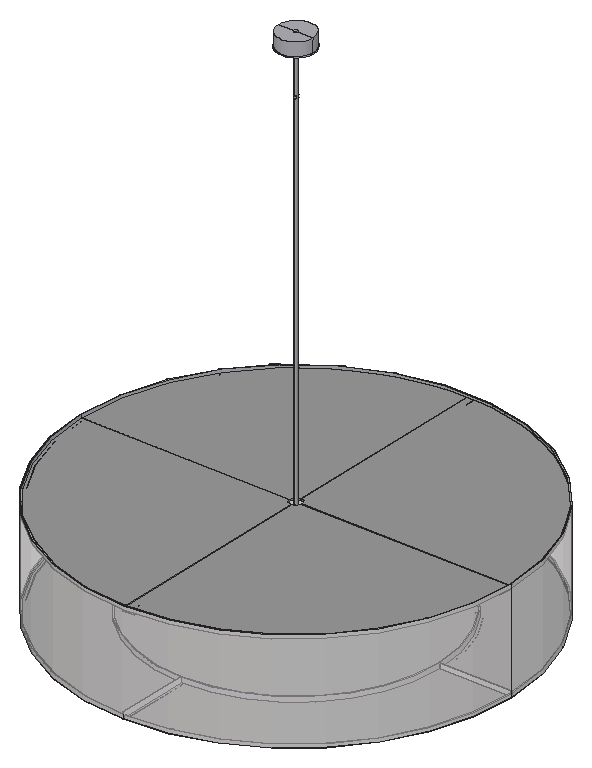
Revit family "Lighting - Lumetta - Pendant - P57217", category Lighting Fixtures, host Ceiling, Revit 2015
Parameters
  Wattage = 11.7117 W
  built-in parameter 1150110 = 1 (stored number, unit not read)
  URL = "https://lumetta.com/luminaires/drum-72-pendant/"
  Type Comments = "Drum 72'' Pendant"  # constant formula
  built-in parameter 1114217 = 1 (stored number, unit not read)
  Top Lens-Material [instance] = Acrylic - 2447 - White
  Top Lens [instance] = yes
  built-in parameter 1150109 = 1 (stored number, unit not read)
  built-in parameter 1150134 = (empty or 0)
  Suspension [instance] = 2
  built-in parameter 1150113 = 1 (stored number, unit not read)
  Stem Hung-ALL Lamping [instance] = Suspension = 2  # yes
  STD-NON_DIM [instance] = not([3-4-LED])  # yes
  Light Source Symbol Size = 0' - 1"
  Coupling-Stems Over 60 inches [instance] = and([Stem Hung-ALL Lamping], Fixture Drop > 5' 0")  # yes
  Model = "P57217"  # constant formula
  Manufacturer = "Lumetta, Inc."  # constant formula
  Lumens = 1300 lm
  built-in parameter 1150115 = 1 (stored number, unit not read)
  built-in parameter 1150105 = 103.45 (stored number, unit not read)
  built-in parameter 1150137 = (empty or 0)
  built-in parameter 1150139 = (empty or 0)
  built-in parameter 1150112 = 1 (stored number, unit not read)
  built-in parameter 1150114 = 1 (stored number, unit not read)
  built-in parameter 1150132 = 1
  built-in parameter 1150102 = (empty or 0)
  built-in parameter 1150138 = (empty or 0)
  built-in parameter 1150107 = 3000 (stored number, unit not read)
  built-in parameter 1150106 = 1.0345 (stored number, unit not read)
  Frame Finish [instance] = Paint - Lumetta - F02 - PC_Chrome
  Fixture Height [instance] = 1' - 5"
  Fixture Drop [instance] = 5' - 10"
  built-in parameter 1150104 = 10.312 (stored number, unit not read)
  Dimming Lamp Color Temperature Shift = (empty or 0)
  Diffuser Material [instance] = Shade - Lumetta - D61 - MT_White
  Description = ""
  Cord [instance] = Suspension = 1  # no
  Bottom Lens-Material [instance] = Acrylic - P95 - Etched White
  Bottom Lens [instance] = yes
  3-4-LED [instance] = and([3 or 4 Wire Dimming OR LED], Suspension = 1)  # no
  3 or 4 Wire Dimming OR LED [instance] = yes
  4 Cables [instance] = Suspension = 1  # no
  1CRD-4CBL-ALL Lamping [instance] = Suspension = 1  # no
  Cord Color [instance] = Cord, Black
  Color Filter = 16777215
  built-in parameter 1114218 = 1 (stored number, unit not read)
  built-in parameter 1150133 = 10 (stored number, unit not read)
Reference planes (in)
  plane 1 "Light Source Axis (F/B)": y = 0
  plane 2 "Ceiling": z = 96
  plane 3 "Light Source Axis (L/R)": x = 0
  plane 4 "Light Source Elevation": z = 23.5
  plane 5 "Fixture-Top": z = 26
  plane 6 "Fixture-OD": x = 36
  plane 7 "Fixture-Height": z = 9
  plane 8: y = 0
  plane 9 "Fix-OD2": y = 36
  plane 10: x = -36
  plane 11: y = -36
Forms (in)
  Revolve 1, solid, material "Paint - Lumetta - F02 - PC_Chrome" <- "Frame Finish", visible <- "1CRD-4CBL-ALL Lamping"
    sketch origin (0, 0, 0) x (1, 0, 0) y (0, 0, 1)
      loop
        line (0, 96) -> (0, 95.4375) -> (3, 95.4375) -> (3, 95.5) -> (2.87509, 95.5) -> (2.87509, 96) -> (0, 96)
      axis (0, 96) -> (0, 95.4375)
    angle from 0 to 360
  Extrusion 2, void
    sketch origin (0, 0, 95.4375) x (0, -1, 0) y (1, 0, 0)
      loop
        circle (0, 0) r 0.25
      loop
        circle (0, 2.5) r 0.06274
      loop
        circle (-2.16506, -1.25) r 0.06274
      loop
        circle (2.16506, -1.25) r 0.06274
    from 0 to 0.06358
  Revolve 3, solid, material "Paint - Lumetta - F02 - PC_Chrome" <- "Frame Finish"
    sketch origin (0, 0, 0) x (1, 0, 0) y (0, 0, 1)
      loop
        line (36, 26) -> (35.875, 26) -> (35.875, 25.5) -> (35.375, 25.5) -> (35.375, 25.375) -> (36, 25.375) -> (36, 26)
      loop
        line (35.375, 9.125) -> (35.375, 9) -> (36, 9) -> (36, 9.625) -> (35.875, 9.625) -> (35.875, 9.125) -> (35.375, 9.125)
      loop
        line (23.44124, 8.99418) -> (24.4375, 8.99418) -> (24.4375, 9.11828) -> (24.00157, 9.11828) -> (24.00157, 9.99258) -> (23.87763, 9.99258) -> (23.87763, 9.11828) -> (23.44124, 9.11828) -> (23.44124, 8.99418)
      axis (0, 26) -> (0, 8.99418)
    angle from 0 to 360
  Revolve 4, solid, material "Shade - Lumetta - D61 - MT_White" <- "Diffuser Material"
    sketch origin (0, 0, 0) x (1, 0, 0) y (0, 0, 1)
      loop
        line (36, 26) -> (36, 9) -> (36.06242, 9) -> (36.06242, 26) -> (36, 26)
      axis (0, 26) -> (0, 9)
    angle from 0 to 360
  Extrusion 5, solid, material "Paint - Lumetta - F02 - PC_Chrome" <- "Frame Finish", visible <- "Stem Hung-ALL Lamping"
    sketch origin (0, 0, 26) x (0, -1, 0) y (-1, 0, 0)
      loop
        circle (0, 0) r 0.25
    from 1.63906 to -70
  Revolve 6, solid, material "Paint - Lumetta - F02 - PC_Chrome" <- "Frame Finish", visible <- "Coupling-Stems Over 60 inches"
    sketch origin (0, 0, 0) x (1, 0, 0) y (0, 0, 1)
      loop
        line (0, 86.53023) -> (0, 86) -> (0.26233, 86)
        arc (0.26233, 86) -> (0.31307, 86.05074) -> (0.26233, 86.10149) r 0.05074
        arc (0.26233, 86.10149) -> (0.29304, 86.26499) -> (0.26243, 86.42851) r 0.45126
        arc (0.26243, 86.42851) -> (0.31329, 86.47937) -> (0.26243, 86.53023) r 0.05086
        line (0.26243, 86.53023) -> (0, 86.53023)
      axis (0, 86.53023) -> (0, 86)
    angle from 0 to 360
  Revolve 7, solid, material "Paint - Lumetta - F02 - PC_Chrome" <- "Frame Finish", visible <- "Stem Hung-ALL Lamping"
    sketch origin (0, 0, 0) x (1, 0, 0) y (0, 0, 1)
      loop
        line (0, 96) -> (0, 93.40625) -> (0.34988, 93.40625)
        arc (0.34988, 93.40625) -> (0.49124, 93.54417) -> (0.58115, 93.72) r 0.61026
        line (0.58115, 93.72) -> (3, 93.72) -> (3, 93.78) -> (2.875, 93.78) -> (2.875, 96) -> (0, 96)
      axis (0, 96) -> (0, 93.40625)
    angle from 0 to 360
  Extrusion 8, solid, material "Cord, Black" <- "Cord Color", visible <- "1CRD-4CBL-ALL Lamping"
    sketch origin (0, 0, 26) x (0, -1, 0) y (1, 0, 0)
      loop
        circle (0, 0) r 0.15674
    from -0.56254 to 70
  Extrusion 9, solid
    sketch origin (0, 0, 26) x (0, -1, 0) y (1, 0, 0)
      loop
        line (-1.15625, 35.46715) -> (-1.15625, 33.875) -> (1.15625, 33.875) -> (1.15625, 35.48142)
        arc (1.15625, 35.48142) -> (-0.00012, 35.49312) -> (-1.15625, 35.46715) r 35.49709
      loop
        circle (0, 34.375) r 0.11051
      loop
        line (-35.46715, -1.15625) -> (-33.875, -1.15625) -> (-33.875, 1.15625) -> (-35.48432, 1.15625)
        arc (-35.48432, 1.15625) -> (-35.49457, -0.00014) -> (-35.46715, -1.15625) r 35.49884
      loop
        circle (-34.375, 0) r 0.11051
      loop
        line (1.15625, -35.47005) -> (1.15625, -33.8779) -> (-1.15625, -33.8779) -> (-1.15625, -35.48432)
        arc (-1.15625, -35.48432) -> (0.00012, -35.49602) -> (1.15625, -35.47005) r 35.49999
      loop
        circle (0, -34.3779) r 0.11051
      loop
        line (35.46715, 1.15625) -> (33.875, 1.15625) -> (33.875, -1.15625) -> (35.48432, -1.15625)
        arc (35.48432, -1.15625) -> (35.49457, 0.00014) -> (35.46715, 1.15625) r 35.49884
      loop
        circle (34.375, 0) r 0.11051
    from -0.5 to -0.625
  Sweep 10, solid, visible <- "1CRD-4CBL-ALL Lamping"
    path origin (0, 0, 0) x (1, 0, 0) y (0, 0, 1)
      loop
        line (2.5, 95.50108) -> (33.375, 25.375)
    profile origin (17.9375, 0, 60.43804) x (0.915221, 0, 0.402952) y (0, -1, 0)
      loop
        circle (0, 0) r 0.03083
  Extrusion 11, solid, material "Acrylic - P95 - Etched White" <- "Bottom Lens-Material", visible <- "Bottom Lens"
    sketch origin (0, 0, 9) x (0, -1, 0) y (1, 0, 0)
      loop
        circle (0, 0) r 35.8125
    from 0.125 to 0.24324
  Extrusion 12, solid
    sketch origin (0, 0, 26) x (0, -1, 0) y (1, 0, 0)
      loop
        circle (0, 0) r 0.28281
      loop
        line (-34.875, -1) -> (-1, -1) -> (-1, -34.875) -> (1, -34.875) -> (1, -1) -> (34.875, -1) -> (34.875, 1) -> (1, 1) -> (1, 34.875) -> (-1, 34.875) -> (-1, 1) -> (-34.875, 1) -> (-34.875, -1)
      loop
        circle (0, 33.375) r 0.12316
      loop
        circle (33.375, 0.18243) r 0.12448
      loop
        circle (0, -33.375) r 0.12636
      loop
        circle (-33.375, 0) r 0.12313
    from -1.63906 to -0.625
  Revolve 13, solid, material "Paint - Lumetta - F02 - PC_Chrome" <- "Frame Finish", visible <- "STD-NON_DIM"
    sketch origin (0, 0, 0) x (1, 0, 0) y (0, 0, 1)
      loop
        line (0, 95.4375) -> (0, 94.87435) -> (0.28215, 94.87435) -> (0.37481, 95.4375) -> (0, 95.4375)
      axis (0, 95.4375) -> (0, 94.87435)
    angle from 0 to 360
  Revolve 14, solid, material "Paint - Lumetta - F02 - PC_Chrome" <- "Frame Finish", visible <- "3-4-LED"
    sketch origin (0, 0, 0) x (1, 0, 0) y (0, 0, 1)
      loop
        line (0, 95.4375) -> (0, 95.3765) -> (0.37481, 95.3765) -> (0.37481, 95.4375) -> (0, 95.4375)
      axis (0, 95.4375) -> (0, 95.3765)
    angle from 0 to 360
  Sweep 15, solid, visible <- "1CRD-4CBL-ALL Lamping"
    path origin (0, 0, 0) x (1, 0, 0) y (0, 0, 1)
      loop
        line (2.5, 95.50108) -> (33.375, 25.375)
    profile origin (17.9375, 0, 60.43804) x (0.915221, 0, 0.402952) y (0, -1, 0)
      loop
        circle (0, 0) r 0.03083
  Sweep 16, solid, visible <- "1CRD-4CBL-ALL Lamping"
    path origin (0, 0, 0) x (1, 0, 0) y (0, 0, 1)
      loop
        line (2.5, 95.50108) -> (33.375, 25.375)
    profile origin (17.9375, 0, 60.43804) x (0.915221, 0, 0.402952) y (0, -1, 0)
      loop
        circle (0, 0) r 0.03083
  Sweep 17, solid, visible <- "1CRD-4CBL-ALL Lamping"
    path origin (0, 0, 0) x (0, 1, 0) y (0, 0, 1)
      loop
        line (2.5, 95.50108) -> (33.375, 25.375)
    profile origin (0, 17.9375, 60.43804) x (0, 0.915221, 0.402952) y (1, 0, 0)
      loop
        circle (0, 0) r 0.03083
  Sweep 18, solid, visible <- "1CRD-4CBL-ALL Lamping"
    path origin (0, 0, 0) x (-1, 0, 0) y (0, 0, 1)
      loop
        line (2.5, 95.50108) -> (33.375, 25.375)
    profile origin (-17.9375, 0, 60.43804) x (-0.915221, 0, 0.402952) y (0, 1, 0)
      loop
        circle (0, 0) r 0.03083
  Sweep 19, solid, visible <- "1CRD-4CBL-ALL Lamping"
    path origin (0, 0, 0) x (0, -1, 0) y (0, 0, 1)
      loop
        line (2.5, 95.50108) -> (33.375, 25.375)
    profile origin (0, -17.9375, 60.43804) x (0, -0.915221, 0.402952) y (-1, 0, 0)
      loop
        circle (0, 0) r 0.03083
  Extrusion 20, solid, material "Acrylic - 2447 - White" <- "Top Lens-Material", visible <- "Top Lens"
    sketch origin (0, 0, 26) x (0, -1, 0) y (1, 0, 0)
      loop
        line (-0.0625, -35.80959) -> (-0.0625, -0.99417)
        arc (-0.0625, -0.99417) -> (-0.71114, -0.69923) -> (-0.99962, -0.04769) r 1.00175
        line (-0.99962, -0.04769) -> (-35.81511, -0.04769)
        arc (-35.81511, -0.04769) -> (-25.3292, -25.31711) -> (-0.0625, -35.80959) r 35.8125
      loop
        line (0.0625, -0.99804) -> (0.0625, -35.80959)
        arc (0.0625, -35.80959) -> (25.32189, -25.32143) -> (35.81117, -0.0625) r 35.81091
        line (35.81117, -0.0625) -> (0.99804, -0.0625)
        arc (0.99804, -0.0625) -> (0.70711, -0.70711) -> (0.0625, -0.99804) r 1
      loop
        arc (-0.99804, 0.0625) -> (-0.7071, 0.70711) -> (-0.06249, 0.99805) r 1
        line (-0.06249, 0.99805) -> (-0.06249, 35.80531)
        arc (-0.06249, 35.80531) -> (-25.31955, 25.31671) -> (-35.81504, 0.0625) r 35.82235
        line (-35.81504, 0.0625) -> (-0.99804, 0.0625)
      loop
        line (0.06249, 35.80533) -> (0.06249, 0.99805)
        arc (0.06249, 0.99805) -> (0.7071, 0.70711) -> (0.99804, 0.0625) r 1
        line (0.99804, 0.0625) -> (35.81116, 0.0625)
        arc (35.81116, 0.0625) -> (25.32115, 25.31945) -> (0.06249, 35.80533) r 35.80829
    from -0.5 to -0.35958
  Extrusion 21, solid, material "Paint - Lumetta - F02 - PC_Chrome" <- "Frame Finish"
    sketch origin (0, 0, 9) x (0, -1, 0) y (1, 0, 0)
      loop
        line (-35.62536, -0.5) -> (-24.12536, -0.5) -> (-24.12536, 0.5) -> (-35.62536, 0.5) -> (-35.62536, -0.5)
      loop
        line (0.5, -35.62536) -> (0.5, -24.12536) -> (-0.5, -24.12536) -> (-0.5, -35.62536) -> (0.5, -35.62536)
      loop
        line (35.62536, 0.5) -> (24.12536, 0.5) -> (24.12536, -0.5) -> (35.62536, -0.5) -> (35.62536, 0.5)
      loop
        line (-0.5, 35.62536) -> (-0.5, 24.12536) -> (0.5, 24.12536) -> (0.5, 35.62536) -> (-0.5, 35.62536)
    from 0 to 0.125
  Extrusion 22, solid
    sketch origin (0, 0, 9) x (0, -1, 0) y (1, 0, 0)
      loop
        line (-0.06251, 23.94118) -> (0.0666, 23.94118) -> (0.0666, 35.94118) -> (-0.06251, 35.94118) -> (-0.06251, 23.94118)
      loop
        line (0.06251, -23.94118) -> (-0.0666, -23.94118) -> (-0.0666, -35.94118) -> (0.06251, -35.94118) -> (0.06251, -23.94118)
      loop
        line (-23.94118, -0.06251) -> (-23.94118, 0.0666) -> (-35.94118, 0.0666) -> (-35.94118, -0.06251) -> (-23.94118, -0.06251)
      loop
        line (23.94118, 0.06251) -> (23.94118, -0.0666) -> (35.94118, -0.0666) -> (35.94118, 0.06251) -> (23.94118, 0.06251)
    from 0 to 0.99258
Dimensions and locks (in)
  equal spacing: host sketch curve, plane 3 "Light Source Axis (L/R)", host sketch curve
  equal spacing: host sketch curve, plane 1 "Light Source Axis (F/B)", host sketch curve
  host sketch curve to host sketch curve = 10' - 0"  (x2)
  "Fixture Drop": plane 2 "Ceiling" to plane 5 "Fixture-Top"
  locked: plane 5 "Fixture-Top" to plane 4 "Light Source Elevation" at 2.5
  locked: plane 6 "Fixture-OD" to plane 3 "Light Source Axis (L/R)" at 36
  "Fixture Height": plane 5 "Fixture-Top" to plane 7 "Fixture-Height"
  locked: Extrusion 2 sketch curve to Extrusion 2 sketch curve at 2.5
  locked: plane 6 "Fixture-OD" to Revolve 3 sketch curve at 0.125  (x2)
  locked: Revolve 4 sketch curve to plane 6 "Fixture-OD" at 0.06242
  Revolve 3 to Revolve 4 = 0' - 0 1/8"
  locked: Extrusion 5 sketch curve to imposter light
  locked: Extrusion 5 sketch curve to imposter light at 0
  Revolve 6 sketch curve to Revolve 6 sketch curve = 0' - 0.15822"
  locked: Revolve 6 sketch curve to Revolve 4 at 60
  locked: Revolve 6 sketch curve to Revolve 6 sketch curve at 0.53023
  locked: Revolve 6 sketch curve to Revolve 6 sketch curve at 0.26243
  locked: Revolve 6 sketch curve to Revolve 6 sketch curve at 0.26233
  locked: Revolve 6 sketch curve to Revolve 6 sketch curve at 0.05074
  locked: Revolve 6 sketch curve to Revolve 6 sketch curve at 0.47937
  locked: Revolve 6 sketch curve to Revolve 6 sketch curve at 0.26512
  locked: Revolve 7 sketch curve to Revolve 7 sketch curve at 2.875
  locked: Revolve 7 sketch curve to Revolve 7 sketch curve at 0.31375
  locked: plane 5 "Fixture-Top" to Revolve 3 sketch curve at 0.625
  locked: Revolve 3 sketch curve to Revolve 3 sketch curve at 0.125
  locked: Revolve 3 sketch curve to plane 7 "Fixture-Height" at 0.625
  locked: plane 6 "Fixture-OD" to Revolve 3 sketch curve at 0.625
  locked: Revolve 1 sketch curve to Revolve 1 sketch curve at 0.0625
  locked: host ceiling to Revolve 1 sketch curve at 0.5625
  locked: Revolve 1 sketch curve to Revolve 1 sketch curve at 0.5625
  Revolve 1 sketch curve to Revolve 1 sketch curve = 0' - 2.87509"
  equal spacing: Extrusion 9 sketch curve, plane 1 "Light Source Axis (F/B)", Extrusion 9 sketch curve, locked at 1.15625 each
  locked: Extrusion 9 sketch curve to plane 1 "Light Source Axis (F/B)" at 1.15625
  locked: Extrusion 9 sketch curve to plane 6 "Fixture-OD" at 1.625
  locked: Extrusion 9 sketch curve to plane 6 "Fixture-OD" at 2.125
  locked: Revolve 3 to plane 7 "Fixture-Height" at 0.625
  locked: Revolve 1 sketch curve to Revolve 1 sketch curve at 3
  locked: Revolve 1 sketch curve to Revolve 1 sketch curve at 2.87509
  locked: Revolve 13 sketch curve to Revolve 13 sketch curve at 0.37481
  locked: Revolve 13 sketch curve to Revolve 13 sketch curve at 0.28215
  locked: Revolve 1 to Revolve 13 sketch curve at 0.56315
  locked: Revolve 1 to Revolve 14 sketch curve at 0.061
  locked: plane 3 "Light Source Axis (L/R)" to Revolve 14 sketch curve at 0.37481
  locked: Extrusion 12 sketch curve to plane 3 "Light Source Axis (L/R)" at 1
  locked: plane 3 "Light Source Axis (L/R)" to Extrusion 12 sketch curve at 1
  locked: plane 9 "Fix-OD2" to plane 8 at 36
  locked: plane 10 to plane 3 "Light Source Axis (L/R)" at 36
  locked: plane 8 to plane 11 at 36
  locked: Extrusion 12 sketch curve to plane 9 "Fix-OD2" at 1.125
  Extrusion 12 sketch curve to plane 11 = 0' - 1 1/8"
  locked: Extrusion 12 sketch curve to Extrusion 12 sketch curve at 1.5  (x4)
  Revolve 3 to Extrusion 12 = 0' - 1.01406"
  Extrusion 9 sketch curve to Extrusion 9 sketch curve = 0' - 2 5/16"
  locked: Extrusion 9 sketch curve to plane 9 "Fix-OD2" at 2.125
  locked: Extrusion 9 sketch curve to plane 3 "Light Source Axis (L/R)" at 1.15625  (x2)
  locked: Extrusion 9 sketch curve to Extrusion 9 sketch curve at 2.3125
  locked: plane 10 to Extrusion 9 sketch curve at 2.1221
  locked: Extrusion 9 sketch curve to plane 8 at 1.15625  (x2)
  locked: plane 10 to Extrusion 9 sketch curve at 1.6221
  locked: plane 9 "Fix-OD2" to Extrusion 9 sketch curve at 1.625
  locked: Extrusion 9 sketch curve to plane 11 at 1.625
  locked: Extrusion 9 sketch curve to plane 11 at 2.125
  locked: plane 3 "Light Source Axis (L/R)" to Extrusion 9 sketch curve at 1.15625
  locked: Extrusion 20 to Revolve 3 at 0.14042
  locked: plane 8 to Extrusion 20 sketch curve at 0.0625
  plane 8 to Extrusion 20 sketch curve = 0' - 0 1/16"
  locked: Revolve 3 sketch curve to plane 7 "Fixture-Height" at 0.99258
  locked: Revolve 3 sketch curve to Revolve 3 sketch curve at 0.99626
  locked: Revolve 3 sketch curve to Revolve 3 sketch curve at 0.43593
  locked: Revolve 3 sketch curve to Revolve 3 sketch curve at 0.43639
  plane 3 "Light Source Axis (L/R)" to Revolve 3 sketch curve = 2' - 0 7/16"
  locked: Extrusion 21 sketch curve to plane 9 "Fix-OD2" at 0.37464
  locked: plane 3 "Light Source Axis (L/R)" to Extrusion 21 sketch curve at 0.5  (x2)
  locked: Extrusion 21 sketch curve to Extrusion 21 sketch curve at 1  (x4)
  locked: Extrusion 21 sketch curve to plane 8 at 24.12536  (x2)
  locked: Extrusion 21 sketch curve to plane 3 "Light Source Axis (L/R)" at 24.12536
  locked: plane 3 "Light Source Axis (L/R)" to Extrusion 21 sketch curve at 24.12536
  locked: Extrusion 21 sketch curve to plane 6 "Fixture-OD" at 0.37464
  locked: plane 8 to Extrusion 21 sketch curve at 0.5  (x2)
  locked: plane 10 to Extrusion 21 sketch curve at 0.37464
  locked: Extrusion 21 sketch curve to plane 11 at 0.37464
  locked: Extrusion 22 sketch curve to plane 6 "Fixture-OD" at 0.05882
  locked: plane 3 "Light Source Axis (L/R)" to Extrusion 22 sketch curve at 23.94118
  locked: plane 8 to Extrusion 22 sketch curve at 0.06251
  locked: Extrusion 22 sketch curve to Extrusion 22 sketch curve at 0.12911  (x4)
  locked: Extrusion 22 sketch curve to plane 9 "Fix-OD2" at 0.05882
  locked: Extrusion 22 sketch curve to plane 8 at 23.94118  (x2)
  locked: plane 3 "Light Source Axis (L/R)" to Extrusion 22 sketch curve at 0.0666
  locked: Extrusion 22 sketch curve to plane 3 "Light Source Axis (L/R)" at 23.94118
  locked: plane 10 to Extrusion 22 sketch curve at 0.05882
  locked: Extrusion 22 sketch curve to plane 8 at 0.0666
  locked: Extrusion 22 sketch curve to plane 11 at 0.05882
  locked: plane 3 "Light Source Axis (L/R)" to Extrusion 22 sketch curve at 0.06251
  locked: Extrusion 11 sketch curve to Extrusion 11 sketch curve (radius 2' - 11 13/16")
  locked: Extrusion 20 sketch curve to Extrusion 20 sketch curve (radius 2' - 11 13/16")
  aligned and locked: plane 3 "Light Source Axis (L/R)" to imposter light
  aligned and locked: plane 1 "Light Source Axis (F/B)" to imposter light
  aligned and locked: plane 4 "Light Source Elevation" to imposter light
  aligned and locked: Revolve 4 sketch curve to plane 3 "Light Source Axis (L/R)"
  aligned and locked: Revolve 6 sketch curve to Revolve 6 sketch curve  (x2)
  aligned and locked: host ceiling to Extrusion 5
  aligned and locked: host ceiling to Extrusion 8
  aligned and locked: Extrusion 12 to Extrusion 5
  aligned and locked: Extrusion 20 to Revolve 3
  aligned and locked: Extrusion 22 to Revolve 3
  aligned and locked: Revolve 3 to Extrusion 21
  aligned and locked: plane 7 "Fixture-Height" to Extrusion 21
Automatic sketch dimensions
  Revolve 6 sketch curve to plane 3 "Light Source Axis (L/R)" = 0' - 0"
  Revolve 6 sketch curve to Revolve 6 sketch curve = 0' - 11.34317"
  Revolve 7 sketch curve to plane 3 "Light Source Axis (L/R)" = 0' - 0"  (x3)
  Revolve 7 sketch curve to plane 2 "Ceiling" = 0' - 0"
  plane 3 "Light Source Axis (L/R)" to Revolve 7 sketch curve = 0' - 0.34988"
  Revolve 7 sketch curve to Revolve 7 sketch curve = 0' - 0.23126"
  Revolve 7 sketch curve to Revolve 7 sketch curve = 0' - 0 1/8"
  Revolve 7 sketch curve to plane 2 "Ceiling" = 0' - 2 3/32"
  Revolve 7 sketch curve to Revolve 7 sketch curve = 0' - 0.06"
  plane 2 "Ceiling" to Revolve 7 sketch curve = 0' - 1 3/4"
  Revolve 7 sketch curve to Revolve 7 sketch curve = 0' - 2 1/2"
  plane 1 "Light Source Axis (F/B)" to Extrusion 8 sketch curve = 0' - 0"
  Extrusion 8 sketch curve to plane 3 "Light Source Axis (L/R)" = 0' - 0"
  Extrusion 2 sketch curve to Revolve 1 = 0' - 0"
  Extrusion 2 sketch curve to Extrusion 2 sketch curve = 0' - 1 1/4"  (x2)
  Sweep 10 sketch curve to plane 1 "Light Source Axis (F/B)" = 0' - 0"
  Sweep 10 sketch curve to profile plane = 0' - 0"
  plane 1 "Light Source Axis (F/B)" to Extrusion 11 sketch curve = 0' - 0"
  Extrusion 11 sketch curve to plane 3 "Light Source Axis (L/R)" = 0' - 0"
  Revolve 1 sketch curve to plane 3 "Light Source Axis (L/R)" = 0' - 0"  (x2)
  Revolve 1 sketch curve to plane 5 "Fixture-Top" = 0' - 1 1/4"
  Revolve 1 sketch curve to Revolve 1 sketch curve = 0' - 9 3/4"
  Revolve 13 sketch curve to plane 3 "Light Source Axis (L/R)" = 0' - 0"  (x2)
  Revolve 13 sketch curve to plane 2 "Ceiling" = 0' - 0 9/16"
  Revolve 13 sketch curve to Revolve 13 sketch curve = 0' - 1.18685"
  plane 2 "Ceiling" to Revolve 13 sketch curve = 0' - 6 11/16"
  Revolve 14 sketch curve to plane 3 "Light Source Axis (L/R)" = 0' - 0"  (x2)
  Revolve 14 sketch curve to Revolve 14 sketch curve = 0' - 0.061"
  Revolve 14 sketch curve to Revolve 14 sketch curve = 0' - 0.82606"
  Revolve 14 sketch curve to plane 2 "Ceiling" = 0' - 0 1/4"
  Extrusion 2 sketch curve to Revolve 1 = 0' - 2.16506"
  Revolve 1 to Extrusion 2 sketch curve = 0' - 2.16506"
  Extrusion 12 sketch curve to plane 3 "Light Source Axis (L/R)" = 0' - 0"  (x2)
  plane 1 "Light Source Axis (F/B)" to Extrusion 12 sketch curve = 0' - 0"  (x3)
  plane 3 "Light Source Axis (L/R)" to Extrusion 12 sketch curve = 0' - 0.18243"
  Extrusion 12 sketch curve to plane 1 "Light Source Axis (F/B)" = 0' - 1"  (x2)
  plane 1 "Light Source Axis (F/B)" to Extrusion 12 sketch curve = 0' - 1"  (x2)
  plane 10 to Extrusion 12 sketch curve = 0' - 1 1/8"
  Extrusion 12 sketch curve to plane 3 "Light Source Axis (L/R)" = 0' - 1"
  plane 3 "Light Source Axis (L/R)" to Extrusion 12 sketch curve = 0' - 1"
  Extrusion 12 sketch curve to plane 6 "Fixture-OD" = 0' - 1 1/8"
  Sweep 10 sketch curve to plane 2 "Ceiling" = 0' - 0.49892"
  plane 3 "Light Source Axis (L/R)" to Sweep 10 sketch curve = 0' - 2 1/2"
  plane 5 "Fixture-Top" to Sweep 10 sketch curve = 0' - 0 5/8"
  Sweep 10 sketch curve to plane 6 "Fixture-OD" = 0' - 2 5/8"
  Extrusion 9 sketch curve to plane 3 "Light Source Axis (L/R)" = 0' - 0"  (x2)
  plane 1 "Light Source Axis (F/B)" to Extrusion 9 sketch curve = 0' - 0"  (x2)
  plane 10 to Extrusion 9 sketch curve = 0' - 0.51568"
  Extrusion 9 sketch curve to plane 9 "Fix-OD2" = 0' - 0.53285"
  Extrusion 9 sketch curve to Extrusion 9 sketch curve = 0' - 1.10932"
  plane 3 "Light Source Axis (L/R)" to Extrusion 9 sketch curve = 0' - 0.0033"
  Extrusion 9 sketch curve to plane 1 "Light Source Axis (F/B)" = 0' - 0.21884"
  Extrusion 9 sketch curve to plane 1 "Light Source Axis (F/B)" = 0' - 0.0033"
  plane 1 "Light Source Axis (F/B)" to Extrusion 9 sketch curve = 0' - 0.0033"
  Extrusion 9 sketch curve to plane 3 "Light Source Axis (L/R)" = 0' - 0.0033"
  plane 1 "Light Source Axis (F/B)" to Extrusion 9 sketch curve = 0' - 0.21884"
  plane 11 to Extrusion 9 sketch curve = 0' - 0.53285"
  plane 11 to Extrusion 9 sketch curve = 0' - 0.51568"
  Extrusion 9 sketch curve to plane 6 "Fixture-OD" = 0' - 0.53285"
  Sweep 15 sketch curve to plane 2 "Ceiling" = 0' - 0.49892"
  plane 3 "Light Source Axis (L/R)" to Sweep 15 sketch curve = 0' - 2 1/2"
  plane 5 "Fixture-Top" to Sweep 15 sketch curve = 0' - 0 5/8"
  Sweep 15 sketch curve to plane 6 "Fixture-OD" = 0' - 2 5/8"
  Sweep 15 sketch curve to plane 1 "Light Source Axis (F/B)" = 0' - 0"
  Sweep 15 sketch curve to profile plane = 0' - 0"
  Sweep 16 sketch curve to profile plane = 0' - 0"  (x2)
  Sweep 16 sketch curve to plane 2 "Ceiling" = 0' - 0.49892"
  plane 3 "Light Source Axis (L/R)" to Sweep 16 sketch curve = 0' - 2 1/2"
  plane 5 "Fixture-Top" to Sweep 16 sketch curve = 0' - 0 5/8"
  Sweep 16 sketch curve to plane 6 "Fixture-OD" = 0' - 2 5/8"
  Sweep 17 sketch curve to plane 2 "Ceiling" = 0' - 0.49892"
  Sweep 17 sketch curve to plane 1 "Light Source Axis (F/B)" = 0' - 2 1/2"
  plane 5 "Fixture-Top" to Sweep 17 sketch curve = 0' - 0 5/8"
  Sweep 17 sketch curve to plane 9 "Fix-OD2" = 0' - 2 5/8"
  Sweep 17 sketch curve to profile plane = 0' - 0"  (x2)
  Sweep 18 sketch curve to plane 2 "Ceiling" = 0' - 0.49892"
  Sweep 18 sketch curve to plane 3 "Light Source Axis (L/R)" = 0' - 2 1/2"
  plane 5 "Fixture-Top" to Sweep 18 sketch curve = 0' - 0 5/8"
  plane 10 to Sweep 18 sketch curve = 0' - 2 5/8"
  Sweep 18 sketch curve to profile plane = 0' - 0"
  profile plane to Sweep 18 sketch curve = 0' - 0"
  Sweep 19 sketch curve to plane 2 "Ceiling" = 0' - 0.49892"
  plane 1 "Light Source Axis (F/B)" to Sweep 19 sketch curve = 0' - 2 1/2"
  plane 5 "Fixture-Top" to Sweep 19 sketch curve = 0' - 0 5/8"
  plane 11 to Sweep 19 sketch curve = 0' - 2 5/8"
  profile plane to Sweep 19 sketch curve = 0' - 0"
  Sweep 19 sketch curve to profile plane = 0' - 0"
  Extrusion 20 sketch curve to Extrusion 20 sketch curve = 0' - 0.00265"  (x3)
  Extrusion 20 sketch curve to Extrusion 20 sketch curve = 0' - 0.00286"  (x3)
  plane 1 "Light Source Axis (F/B)" to Extrusion 20 sketch curve = 0' - 0"
  plane 3 "Light Source Axis (L/R)" to Extrusion 20 sketch curve = 0' - 0"
  plane 3 "Light Source Axis (L/R)" to Extrusion 20 sketch curve = 0' - 0 1/16"  (x2)
  plane 1 "Light Source Axis (F/B)" to Extrusion 20 sketch curve = 0' - 0.99804"
  Extrusion 20 sketch curve to Extrusion 20 sketch curve = 0' - 0"  (x3)
  Extrusion 20 sketch curve to Extrusion 20 sketch curve = 0' - 0.00387"
  Extrusion 20 sketch curve to Extrusion 20 sketch curve = 0' - 0.00158"
  Extrusion 20 sketch curve to plane 1 "Light Source Axis (F/B)" = 0' - 0 1/16"
  Extrusion 20 sketch curve to Extrusion 20 sketch curve = 0' - 0.00337"
  Extrusion 20 sketch curve to Extrusion 20 sketch curve = 0' - 0.00272"
  Extrusion 20 sketch curve to Extrusion 20 sketch curve = 0' - 0.00296"
  Extrusion 20 sketch curve to plane 3 "Light Source Axis (L/R)" = 0' - 0 1/16"
  Extrusion 20 sketch curve to Extrusion 20 sketch curve = 0' - 0.00159"
  Extrusion 20 sketch curve to Extrusion 20 sketch curve = 0' - 0.00559"
  plane 1 "Light Source Axis (F/B)" to Extrusion 20 sketch curve = 0' - 0 1/16"
  Extrusion 20 sketch curve to Extrusion 20 sketch curve = 0' - 0.00576"
  Extrusion 20 sketch curve to Extrusion 20 sketch curve = 0' - 0.00988"
  Extrusion 20 sketch curve to Extrusion 20 sketch curve = 0' - 0.01983"
  Extrusion 20 sketch curve to Extrusion 20 sketch curve = 0' - 0.00007"
  plane 11 to Extrusion 20 sketch curve = 0' - 0.18884"
  plane 3 "Light Source Axis (L/R)" to Revolve 3 sketch curve = 0' - 0"
  Revolve 3 sketch curve to plane 7 "Fixture-Height" = 0' - 0"
  Revolve 3 sketch curve to plane 6 "Fixture-OD" = 0' - 0"  (x2)
  Revolve 3 sketch curve to plane 5 "Fixture-Top" = 0' - 0"
  Revolve 3 sketch curve to plane 7 "Fixture-Height" = 0' - 0.11828"  (x2)
  Revolve 3 sketch curve to Revolve 3 sketch curve = 0' - 0 1/2"
  Revolve 3 sketch curve to plane 7 "Fixture-Height" = 0' - 0 1/8"
  plane 7 "Fixture-Height" to Revolve 3 sketch curve = 0' - 0.00582"
  Revolve 3 sketch curve to level = 0' - 10"
  Revolve 3 sketch curve to plane 2 "Ceiling" = 0' - 1"
  Revolve 4 sketch curve to plane 6 "Fixture-OD" = 0' - 0"
  Revolve 4 sketch curve to plane 7 "Fixture-Height" = 0' - 0"
  Revolve 4 sketch curve to plane 5 "Fixture-Top" = 0' - 0"
  plane 7 "Fixture-Height" to Revolve 4 sketch curve = 0' - 1 1/4"
  Revolve 4 sketch curve to plane 5 "Fixture-Top" = 0' - 2 1/4"
  radius of Extrusion 5 sketch curve = 0' - 0 1/4"
  radius of Extrusion 8 sketch curve = 0' - 0.15674"
  radius of Extrusion 2 sketch curve = 0' - 0.06274"  (x3)
  radius of Sweep 10 sketch curve = 0' - 0.03083"
  radius of Extrusion 2 sketch curve to Revolve 1 = 0' - 2 3/4"
  radius of Extrusion 12 sketch curve = 0' - 0.28281"
  radius of Extrusion 12 sketch curve = 0' - 0.12316"
  radius of Extrusion 12 sketch curve = 0' - 0.12448"
  radius of Extrusion 12 sketch curve = 0' - 0.12636"
  radius of Extrusion 12 sketch curve = 0' - 0.12313"
  radius of Extrusion 9 sketch curve = 0' - 0.11051"  (x4)
  radius of Sweep 15 sketch curve = 0' - 0.03083"
  radius of Sweep 16 sketch curve = 0' - 0.03083"
  radius of Sweep 17 sketch curve = 0' - 0.03083"
  radius of Sweep 18 sketch curve = 0' - 0.03083"
  radius of Sweep 19 sketch curve = 0' - 0.03083"
